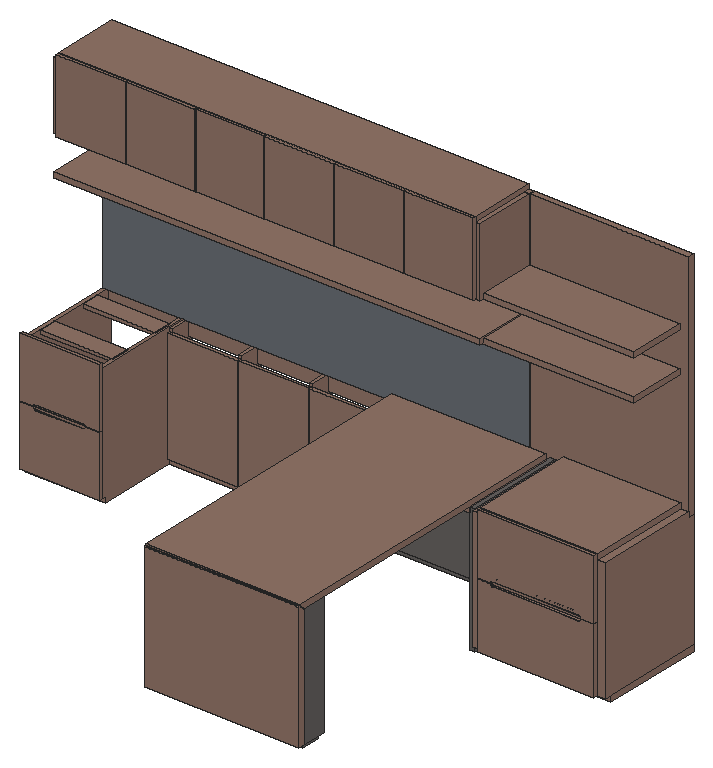
Revit family "OFS TYPICAL T100011", category Furniture, Revit 2022 (continued)
Definition of nested family "OFS SLATE OVERLAY WALLMOUNT ORGANIZER W HINGED DOORS _ OPEN SHELF 1.5H"
  Parameters (values of type "OVERLAY WALLMOUNT ORGANIZER W 2 HINGED DOORS & OPEN SHELF 1.5H 30"")
    Description = "OFS SLATE OVERLAY WALLMOUNT ORGANIZER WITH 2 HINGED DOORS & OPEN SHELF , 30\" Width, Bottom of Cabinet and Shelf align with 1.5 High Wallmount Open Shelf Organizer"
    Depth = 1' - 3 3/4"
    Default Elevation = 0' - 0"
    Copyright © = "©OFS 2019"
    Catalog = "https://ofs.com/products/tables/conference/slate"
    Chasis [instance] = none
    Bottom Board Thickness = 0' - 1 1/4"
    Board Thickness = 0' - 1 3/16"
    Back Board Thickness = 0' - 1 3/16"
    Authoring Version = "Autodesk Revit Architecture 2014"
    Assembly Code = "E2020200"
    6 Doors = no
    4 Doors = no
    3 Doors = no
    2 Doors = yes
  Types (13): name | Width | Model | Description | 6 Doors | 4 Doors | 3 Doors | 2 Doors
    (no name) | 2' - 6" | "CA-A3026HDWO" | "OFS SLATE OVERLAY WALLMOUNT ORGANIZER WITH 2 HINGED DOORS & OPEN SHELF , 30\" Width, Bottom of Cabinet and Shelf align with 1.5 High Wallmount Open Shelf Organizer" | no | no | no | yes
    OVERLAY WALLMOUNT ORGANIZER W 2 HINGED DOORS & OPEN SHELF 1.5H 30" | 2' - 6" | "CA-A3026HDWO" | "OFS SLATE OVERLAY WALLMOUNT ORGANIZER WITH 2 HINGED DOORS & OPEN SHELF , 30\" Width, Bottom of Cabinet and Shelf align with 1.5 High Wallmount Open Shelf Organizer" | no | no | no | yes
    OVERLAY WALLMOUNT ORGANIZER W 2 HINGED DOORS & OPEN SHELF 1.5H 36" | 3' - 0" | "CA-A3626HDWO" | "OFS SLATE OVERLAY WALLMOUNT ORGANIZER WITH 2 HINGED DOORS & OPEN SHELF , 36\" Width, Bottom of Cabinet and Shelf align with 1.5 High Wallmount Open Shelf Organizer" | no | no | no | yes
    OVERLAY WALLMOUNT ORGANIZER W 3 HINGED DOORS & OPEN SHELF 1.5H 54" | 4' - 6" | "CA-A5426HDWO" | "OFS SLATE OVERLAY WALLMOUNT ORGANIZER WITH 3 HINGED DOORS & OPEN SHELF , 54\" Width, Bottom of Cabinet and Shelf align with 1.5 High Wallmount Open Shelf Organizer" | no | no | yes | no
    OVERLAY WALLMOUNT ORGANIZER W 4 HINGED DOORS & OPEN SHELF 1.5H 60" | 5' - 0" | "CA-A6026HDWO" | "OFS SLATE OVERLAY WALLMOUNT ORGANIZER WITH 4 HINGED DOORS & OPEN SHELF , 60\" Width, Bottom of Cabinet and Shelf align with 1.5 High Wallmount Open Shelf Organizer" | no | yes | no | no
    OVERLAY WALLMOUNT ORGANIZER W 4 HINGED DOORS & OPEN SHELF 1.5H 66" | 5' - 6" | "CA-A6626HDWO" | "OFS SLATE OVERLAY WALLMOUNT ORGANIZER WITH 4 HINGED DOORS & OPEN SHELF , 66\" Width, Bottom of Cabinet and Shelf align with 1.5 High Wallmount Open Shelf Organizer" | no | yes | no | no
    OVERLAY WALLMOUNT ORGANIZER W 4 HINGED DOORS & OPEN SHELF 1.5H 72" | 6' - 0" | "CA-A7226HDWO" | "OFS SLATE OVERLAY WALLMOUNT ORGANIZER WITH 4 HINGED DOORS & OPEN SHELF , 72\" Width, Bottom of Cabinet and Shelf align with 1.5 High Wallmount Open Shelf Organizer" | no | yes | no | no
    OVERLAY WALLMOUNT ORGANIZER W 4 HINGED DOORS & OPEN SHELF 1.5H 78" | 6' - 6" | "CA-A7826HDWO" | "OFS SLATE OVERLAY WALLMOUNT ORGANIZER WITH 4 HINGED DOORS & OPEN SHELF , 78\" Width, Bottom of Cabinet and Shelf align with 1.5 High Wallmount Open Shelf Organizer" | no | yes | no | no
    OVERLAY WALLMOUNT ORGANIZER W 4 HINGED DOORS & OPEN SHELF 1.5H 84" | 7' - 0" | "CA-A8426HDWO" | "OFS SLATE OVERLAY WALLMOUNT ORGANIZER WITH 4 HINGED DOORS & OPEN SHELF , 84\" Width, Bottom of Cabinet and Shelf align with 1.5 High Wallmount Open Shelf Organizer" | no | yes | no | no
    OVERLAY WALLMOUNT ORGANIZER W 6 HINGED DOORS & OPEN SHELF 1.5H 90" | 7' - 6" | "CA-A9026HDWO" | "OFS SLATE OVERLAY WALLMOUNT ORGANIZER WITH 6 HINGED DOORS & OPEN SHELF , 90\" Width, Bottom of Cabinet and Shelf align with 1.5 High Wallmount Open Shelf Organizer" | yes | no | no | no
    OVERLAY WALLMOUNT ORGANIZER W 6 HINGED DOORS & OPEN SHELF 1.5H 96" | 8' - 0" | "CA-A9626HDWO" | "OFS SLATE OVERLAY WALLMOUNT ORGANIZER WITH 6 HINGED DOORS & OPEN SHELF , 96\" Width, Bottom of Cabinet and Shelf align with 1.5 High Wallmount Open Shelf Organizer" | yes | no | no | no
    OVERLAY WALLMOUNT ORGANIZER W 6 HINGED DOORS & OPEN SHELF 1.5H 102" | 8' - 6" | "CA-A10226HDWO" | "OFS SLATE OVERLAY WALLMOUNT ORGANIZER WITH 6 HINGED DOORS & OPEN SHELF , 102\" Width, Bottom of Cabinet and Shelf align with 1.5 High Wallmount Open Shelf Organizer" | yes | no | no | no
    OVERLAY WALLMOUNT ORGANIZER W 6 HINGED DOORS & OPEN SHELF 1.5H 108" | 9' - 0" | "CA-A10826HDWO" | "OFS SLATE OVERLAY WALLMOUNT ORGANIZER WITH 6 HINGED DOORS & OPEN SHELF , 108\" Width, Bottom of Cabinet and Shelf align with 1.5 High Wallmount Open Shelf Organizer" | yes | no | no | no
  Reference planes (in)
    plane 1 "Center Front/Back": y = 4.125
    plane 2 "Bottom": z = 0
    plane 3 "Center Left/Right": x = 0
    plane 4 "Back": y = 12
    plane 5 "Front": y = -3.75
    plane 6 "Left": x = -15
    plane 7 "Right": x = 15
    plane 8: z = 81.8125
    plane 9: z = 65.25
    plane 10: z = 66.5
    plane 11: z = 80.75
    plane 12: x = -13.8125
    plane 13: x = 13.8125
    plane 14: y = 10.8125
    plane 15: y = -3
    plane 16: x = -0.0625
    plane 17: x = 0.0625
    plane 18: x = -13.8125
    plane 19: x = 13.8125
    plane 20: x = -6.90625
    plane 21: x = -6.96875
    plane 22: x = -6.84375
    plane 23: x = 6.90625
    plane 24: x = 6.96875
    plane 25: x = 6.84375
    plane 26: x = -4.60417
    plane 27: x = -4.66667
    plane 28: x = -4.54167
    plane 29: x = 4.60417
    plane 30: x = 4.66667
    plane 31: x = 4.54167
    plane 32: x = -9.20833
    plane 33: x = 9.20833
    plane 34: x = -9.27083
    plane 35: x = -9.14583
    plane 36: x = 9.27083
    plane 37: x = 9.14583
    plane 38: z = 80
    plane 39: x = 14
    plane 40: x = -14
    plane 41: z = 56.25
    plane 42: z = 57.4375
  Forms (in)
    Extrusion 1, solid, material <- "Chasis"
      sketch origin (0, 0, 0) x (1, 0, 0) y (0, 1, 0)
        loop
          line (-15, 12) -> (-15, 10.8125) -> (15, 10.8125) -> (15, 12) -> (-15, 12)
      from 56.25 to 80.75
    Extrusion 2, solid, material <- "Chasis"
      sketch origin (0, 0, 0) x (1, 0, 0) y (0, 1, 0)
        loop
          line (-15, 10.8125) -> (-15, -3) -> (-13.8125, -3) -> (-13.8125, 10.8125) -> (-15, 10.8125)
        loop
          line (13.8125, 10.8125) -> (13.8125, -3) -> (15, -3) -> (15, 10.8125) -> (13.8125, 10.8125)
      from 65.25 to 80.75
    Extrusion 3, solid, material <- "Chasis"
      sketch origin (0, 0, 0) x (1, 0, 0) y (0, 1, 0)
        loop
          line (-13.8125, 10.8125) -> (-13.8125, -3) -> (13.8125, -3) -> (13.8125, 10.8125) -> (-13.8125, 10.8125)
      from 65.25 to 66.5
    Extrusion 4, solid, material <- "Chasis"
      sketch origin (0, 0, 0) x (1, 0, 0) y (0, 1, 0)
        loop
          line (-14, 12) -> (-14, -3) -> (14, -3) -> (14, 12) -> (-14, 12)
      from 80.75 to 81.8125
    Extrusion 5, solid, material <- "Front Panel Finish", visible <- "4 Doors"
      sketch origin (0, 0, 0) x (0, 1, 0) y (0, 0, 1)
        loop
          line (-3.75, 81.8125) -> (-3.75, 65.25) -> (-3.375, 65.25) -> (-3, 65.625) -> (-3, 81.8125) -> (-3.75, 81.8125)
      from -14 to -6.96875
    Extrusion 6, solid, material <- "Front Panel Finish", visible <- "6 Doors"
      sketch origin (0, 0, 0) x (0, 1, 0) y (0, 0, 1)
        loop
          line (-3.75, 81.8125) -> (-3.75, 65.25) -> (-3.375, 65.25) -> (-3, 65.625) -> (-3, 81.8125) -> (-3.75, 81.8125)
      from -14 to -9.27083
    Extrusion 7, solid, material <- "Front Panel Finish", visible <- "4 Doors"
      sketch origin (27, 0, 0) x (0, 1, 0) y (0, 0, 1)
        loop
          line (-3.75, 81.8125) -> (-3.75, 65.25) -> (-3.375, 65.25) -> (-3, 65.625) -> (-3, 81.8125) -> (-3.75, 81.8125)
      from -33.84375 to -27.0625
    Extrusion 8, solid, material <- "Front Panel Finish", visible <- "4 Doors"
      sketch origin (55, 0, 0) x (0, 1, 0) y (0, 0, 1)
        loop
          line (-3.75, 81.8125) -> (-3.75, 65.25) -> (-3.375, 65.25) -> (-3, 65.625) -> (-3, 81.8125) -> (-3.75, 81.8125)
      from -54.9375 to -48.03125
    Extrusion 9, solid, material <- "Front Panel Finish", visible <- "4 Doors"
      sketch origin (82, 0, 0) x (0, 1, 0) y (0, 0, 1)
        loop
          line (-3.75, 81.8125) -> (-3.75, 65.25) -> (-3.375, 65.25) -> (-3, 65.625) -> (-3, 81.8125) -> (-3.75, 81.8125)
      from -75.15625 to -68
    Extrusion 10, solid, material <- "Front Panel Finish", visible <- "3 Doors"
      sketch origin (0, 0, 0) x (0, 1, 0) y (0, 0, 1)
        loop
          line (-3.75, 81.8125) -> (-3.75, 65.25) -> (-3.375, 65.25) -> (-3, 65.625) -> (-3, 81.8125) -> (-3.75, 81.8125)
      from -14 to -4.54167
    Extrusion 11, solid, material <- "Front Panel Finish", visible <- "3 Doors"
      sketch origin (-17, 0, 0) x (0, 1, 0) y (0, 0, 1)
        loop
          line (-3.75, 81.8125) -> (-3.75, 65.25) -> (-3.375, 65.25) -> (-3, 65.625) -> (-3, 81.8125) -> (-3.75, 81.8125)
      from 12.33333 to 21.66667
    Extrusion 12, solid, material <- "Front Panel Finish", visible <- "3 Doors"
      sketch origin (-34.25, 0, 0) x (0, 1, 0) y (0, 0, 1)
        loop
          line (-3.75, 81.8125) -> (-3.75, 65.25) -> (-3.375, 65.25) -> (-3, 65.625) -> (-3, 81.8125) -> (-3.75, 81.8125)
      from 38.79167 to 48.25
    Extrusion 13, solid, material <- "Front Panel Finish", visible <- "6 Doors"
      sketch origin (17, 0, 0) x (0, 1, 0) y (0, 0, 1)
        loop
          line (-3.75, 81.8125) -> (-3.75, 65.25) -> (-3.375, 65.25) -> (-3, 65.625) -> (-3, 81.8125) -> (-3.75, 81.8125)
      from -26.14583 to -21.54167
    Extrusion 14, solid, material <- "Front Panel Finish", visible <- "6 Doors"
      sketch origin (35.20833, 0, 0) x (0, 1, 0) y (0, 0, 1)
        loop
          line (-3.75, 81.8125) -> (-3.75, 65.25) -> (-3.375, 65.25) -> (-3, 65.625) -> (-3, 81.8125) -> (-3.75, 81.8125)
      from -39.875 to -35.27083
    Extrusion 15, solid, material <- "Front Panel Finish", visible <- "6 Doors"
      sketch origin (53.20833, 0, 0) x (0, 1, 0) y (0, 0, 1)
        loop
          line (-3.75, 81.8125) -> (-3.75, 65.25) -> (-3.375, 65.25) -> (-3, 65.625) -> (-3, 81.8125) -> (-3.75, 81.8125)
      from -53.14583 to -48.54167
    Extrusion 16, solid, material <- "Front Panel Finish", visible <- "6 Doors"
      sketch origin (71.20833, 0, 0) x (0, 1, 0) y (0, 0, 1)
        loop
          line (-3.75, 81.8125) -> (-3.75, 65.25) -> (-3.375, 65.25) -> (-3, 65.625) -> (-3, 81.8125) -> (-3.75, 81.8125)
      from -66.66667 to -61.9375
    Extrusion 17, solid, material <- "Front Panel Finish", visible <- "6 Doors"
      sketch origin (89.20833, 0, 0) x (0, 1, 0) y (0, 0, 1)
        loop
          line (-3.75, 81.8125) -> (-3.75, 65.25) -> (-3.375, 65.25) -> (-3, 65.625) -> (-3, 81.8125) -> (-3.75, 81.8125)
      from -80.0625 to -75.20833
    Extrusion 18, solid, material <- "Front Panel Finish", visible <- "2 Doors"
      sketch origin (35.20833, 0, 0) x (0, 1, 0) y (0, 0, 1)
        loop
          line (-3.75, 81.8125) -> (-3.75, 65.25) -> (-3.375, 65.25) -> (-3, 65.625) -> (-3, 81.8125) -> (-3.75, 81.8125)
      from -49.20833 to -35.27083
    Extrusion 19, solid, material <- "Front Panel Finish", visible <- "2 Doors"
      sketch origin (53.20833, 0, 0) x (0, 1, 0) y (0, 0, 1)
        loop
          line (-3.75, 81.8125) -> (-3.75, 65.25) -> (-3.375, 65.25) -> (-3, 65.625) -> (-3, 81.8125) -> (-3.75, 81.8125)
      from -53.14583 to -39.20833
    Extrusion 20, solid, material <- "Chasis"
      sketch origin (0, 0, 0) x (1, 0, 0) y (0, 1, 0)
        loop
          line (-13.8125, 10.8125) -> (-13.8125, -3) -> (13.8125, -3) -> (13.8125, 10.8125) -> (-13.8125, 10.8125)
      from 80 to 80.75
    Extrusion 21, solid, material <- "Chasis"
      sketch origin (42.76444, 4.49472, 0) x (1, 0, 0) y (0, 1, 0)
        loop
          line (-57.76444, 6.31778) -> (-57.76444, -7.49472) -> (-27.76444, -7.49472) -> (-27.76444, 6.31778) -> (-57.76444, 6.31778)
      from 56.25 to 57.4375
  Dimensions and locks (in)
    equal spacing: plane 5 "Front", plane 1 "Center Front/Back", plane 4 "Back"
    "Depth": plane 4 "Back" to plane 5 "Front"
    equal spacing: plane 6 "Left", plane 3 "Center Left/Right", plane 7 "Right"
    "Width": plane 6 "Left" to plane 7 "Right"
    "Front Board Thickness": plane 15 to plane 5 "Front"
    "Back Board Thickness": plane 14 to plane 4 "Back"
    "Board Thickness": plane 6 "Left" to plane 12
    "Board Thickness": plane 13 to plane 7 "Right"
    "Top Board Thickness": plane 8 to plane 11
    "Bottom Board Thickness": plane 10 to plane 9
    "Height From Floor": plane 9 to plane 2 "Bottom"
    "Organizer Height": plane 8 to plane 9
    equal spacing: plane 16, plane 3 "Center Left/Right", plane 17
    "Gap1": plane 16 to plane 17
    "Board Thickness": plane 6 "Left" to plane 18
    "Board Thickness": plane 19 to plane 7 "Right"
    equal spacing: plane 21, plane 20, plane 22
    "Gap1": plane 21 to plane 22
    equal spacing: plane 18, plane 20, plane 3 "Center Left/Right"
    equal spacing: plane 24, plane 23, plane 25
    equal spacing: plane 19, plane 23, plane 3 "Center Left/Right"
    "Gap1": plane 25 to plane 24
    equal spacing: plane 27, plane 26, plane 28
    "Gap1": plane 27 to plane 28
    equal spacing: plane 30, plane 29, plane 31
    "Gap1": plane 30 to plane 31
    equal spacing: plane 18, plane 26, plane 29, plane 19
    equal spacing: plane 18, plane 32, plane 26
    equal spacing: plane 19, plane 33, plane 29
    equal spacing: plane 34, plane 32, plane 35
    "Gap1": plane 34 to plane 35
    equal spacing: plane 37, plane 33, plane 36
    "Gap1": plane 37 to plane 36
    "Front Board Thickness": plane 11 to plane 38
    locked: plane 13 to plane 39 at 0.1875
    locked: plane 12 to plane 40 at 0.1875
    "Shelf Height": plane 9 to plane 41
    "Board Thickness": plane 42 to plane 41
    aligned and locked: level to plane 2 "Bottom"
    aligned and locked: plane 4 "Back" to Extrusion 1 sketch curve
    aligned and locked: Extrusion 1 sketch curve to plane 14
    aligned and locked: plane 6 "Left" to Extrusion 2 sketch curve
    aligned and locked: plane 15 to Extrusion 2 sketch curve  (x2)
    aligned and locked: plane 7 "Right" to Extrusion 2 sketch curve
    aligned and locked: plane 12 to Extrusion 3 sketch curve
    aligned and locked: plane 14 to Extrusion 3 sketch curve
    aligned and locked: plane 13 to Extrusion 3 sketch curve
    aligned and locked: plane 15 to Extrusion 3 sketch curve
    aligned and locked: plane 10 to Extrusion 3
    aligned and locked: Extrusion 3 to plane 9
    aligned and locked: plane 15 to Extrusion 4 sketch curve
    aligned and locked: Extrusion 5 sketch curve to plane 5 "Front"
    aligned and locked: Extrusion 5 sketch curve to plane 15
    aligned and locked: plane 8 to Extrusion 5 sketch curve
    aligned and locked: plane 21 to Extrusion 5
    aligned and locked: plane 22 to Extrusion 7
    aligned and locked: plane 16 to Extrusion 7
    aligned and locked: plane 17 to Extrusion 8
    aligned and locked: Extrusion 8 to plane 24
    aligned and locked: Extrusion 9 to plane 25
    aligned and locked: Extrusion 10 to plane 28
    aligned and locked: Extrusion 11 to plane 30
    aligned and locked: Extrusion 11 to plane 27
    aligned and locked: Extrusion 12 to plane 31
    aligned and locked: plane 34 to Extrusion 6
    aligned and locked: plane 35 to Extrusion 13
    aligned and locked: Extrusion 13 to plane 28
    aligned and locked: Extrusion 14 to plane 27
    aligned and locked: plane 16 to Extrusion 14
    aligned and locked: plane 17 to Extrusion 15
    aligned and locked: Extrusion 15 to plane 30
    aligned and locked: Extrusion 16 to plane 31
    aligned and locked: plane 36 to Extrusion 16
    aligned and locked: plane 37 to Extrusion 17
    aligned and locked: plane 17 to Extrusion 19
    aligned and locked: plane 16 to Extrusion 18
    aligned and locked: plane 15 to Extrusion 20 sketch curve
    aligned and locked: Extrusion 4 to plane 40
    aligned and locked: plane 8 to Extrusion 4
    aligned and locked: Extrusion 4 to plane 11
    aligned and locked: Extrusion 18 to plane 40
    aligned and locked: Extrusion 10 to plane 40
    aligned and locked: Extrusion 6 to plane 40
    aligned and locked: Extrusion 5 to plane 40
    aligned and locked: Extrusion 19 to plane 39
    aligned and locked: Extrusion 17 to plane 39
    aligned and locked: Extrusion 12 to plane 39
    aligned and locked: Extrusion 9 to plane 39
    aligned and locked: plane 41 to Extrusion 1
    aligned and locked: Extrusion 1 to plane 7 "Right"
    aligned and locked: Extrusion 1 to plane 6 "Left"
    aligned and locked: plane 11 to Extrusion 1
    aligned and locked: Extrusion 20 to plane 14
    aligned and locked: Extrusion 2 to plane 14  (x2)
    aligned and locked: plane 41 to Extrusion 21
    aligned and locked: Extrusion 21 to plane 42
    aligned and locked: Extrusion 21 to plane 6 "Left"
    aligned and locked: Extrusion 21 to plane 7 "Right"
    aligned and locked: Extrusion 21 to plane 14
    aligned and locked: Extrusion 21 to plane 15
  Automatic sketch dimensions
    Extrusion 1 sketch curve to plane 6 "Left" = 0' - 0"
    Extrusion 1 sketch curve to plane 7 "Right" = 0' - 0"
    Extrusion 2 sketch curve to plane 12 = 0' - 0"
    Extrusion 2 sketch curve to plane 13 = 0' - 0"
    plane 14 to Extrusion 2 sketch curve = 0' - 0"  (x2)
    Extrusion 4 sketch curve to plane 40 = 0' - 0"
    Extrusion 4 sketch curve to plane 39 = 0' - 0"
    plane 4 "Back" to Extrusion 4 sketch curve = 0' - 0"
    Extrusion 5 sketch curve to plane 9 = 0' - 0"
    Extrusion 5 sketch curve to Extrusion 5 sketch curve = 0' - 0 3/8"
    plane 9 to Extrusion 5 sketch curve = 0' - 0 3/8"
    Extrusion 6 sketch curve to plane 5 "Front" = 0' - 0"
    Extrusion 6 sketch curve to plane 9 = 0' - 0"
    Extrusion 6 sketch curve to plane 8 = 0' - 0"
    Extrusion 6 sketch curve to plane 15 = 0' - 0"
    Extrusion 6 sketch curve to Extrusion 6 sketch curve = 0' - 0 3/8"
    plane 9 to Extrusion 6 sketch curve = 0' - 0 3/8"
    Extrusion 7 sketch curve to plane 5 "Front" = 0' - 0"
    Extrusion 7 sketch curve to plane 9 = 0' - 0"
    Extrusion 7 sketch curve to plane 8 = 0' - 0"
    Extrusion 7 sketch curve to plane 15 = 0' - 0"
    plane 5 "Front" to Extrusion 7 sketch curve = 0' - 0 3/8"
    plane 9 to Extrusion 7 sketch curve = 0' - 0 3/8"
    Extrusion 8 sketch curve to plane 5 "Front" = 0' - 0"
    Extrusion 8 sketch curve to plane 9 = 0' - 0"
    Extrusion 8 sketch curve to plane 8 = 0' - 0"
    Extrusion 8 sketch curve to plane 15 = 0' - 0"
    plane 5 "Front" to Extrusion 8 sketch curve = 0' - 0 3/8"
    plane 9 to Extrusion 8 sketch curve = 0' - 0 3/8"
    Extrusion 9 sketch curve to plane 5 "Front" = 0' - 0"
    Extrusion 9 sketch curve to plane 9 = 0' - 0"
    Extrusion 9 sketch curve to plane 8 = 0' - 0"
    Extrusion 9 sketch curve to plane 15 = 0' - 0"
    plane 5 "Front" to Extrusion 9 sketch curve = 0' - 0 3/8"
    plane 9 to Extrusion 9 sketch curve = 0' - 0 3/8"
    Extrusion 10 sketch curve to plane 5 "Front" = 0' - 0"
    Extrusion 10 sketch curve to plane 9 = 0' - 0"
    Extrusion 10 sketch curve to plane 8 = 0' - 0"
    Extrusion 10 sketch curve to plane 15 = 0' - 0"
    Extrusion 10 sketch curve to Extrusion 10 sketch curve = 0' - 0 3/8"
    plane 9 to Extrusion 10 sketch curve = 0' - 0 3/8"
    Extrusion 11 sketch curve to plane 5 "Front" = 0' - 0"
    Extrusion 11 sketch curve to plane 9 = 0' - 0"
    Extrusion 11 sketch curve to plane 8 = 0' - 0"
    Extrusion 11 sketch curve to plane 15 = 0' - 0"
    plane 5 "Front" to Extrusion 11 sketch curve = 0' - 0 3/8"
    plane 9 to Extrusion 11 sketch curve = 0' - 0 3/8"
    Extrusion 12 sketch curve to plane 5 "Front" = 0' - 0"
    Extrusion 12 sketch curve to plane 9 = 0' - 0"
    Extrusion 12 sketch curve to plane 8 = 0' - 0"
    Extrusion 12 sketch curve to plane 15 = 0' - 0"
    plane 5 "Front" to Extrusion 12 sketch curve = 0' - 0 3/8"
    plane 9 to Extrusion 12 sketch curve = 0' - 0 3/8"
    Extrusion 13 sketch curve to plane 5 "Front" = 0' - 0"
    Extrusion 13 sketch curve to plane 9 = 0' - 0"
    Extrusion 13 sketch curve to plane 8 = 0' - 0"
    Extrusion 13 sketch curve to plane 15 = 0' - 0"
    plane 5 "Front" to Extrusion 13 sketch curve = 0' - 0 3/8"
    plane 9 to Extrusion 13 sketch curve = 0' - 0 3/8"
    Extrusion 14 sketch curve to plane 5 "Front" = 0' - 0"
    Extrusion 14 sketch curve to plane 9 = 0' - 0"
    Extrusion 14 sketch curve to plane 8 = 0' - 0"
    Extrusion 14 sketch curve to plane 15 = 0' - 0"
    plane 5 "Front" to Extrusion 14 sketch curve = 0' - 0 3/8"
    plane 9 to Extrusion 14 sketch curve = 0' - 0 3/8"
    Extrusion 15 sketch curve to plane 5 "Front" = 0' - 0"
    Extrusion 15 sketch curve to plane 9 = 0' - 0"
    Extrusion 15 sketch curve to plane 8 = 0' - 0"
    Extrusion 15 sketch curve to plane 15 = 0' - 0"
    plane 5 "Front" to Extrusion 15 sketch curve = 0' - 0 3/8"
    plane 9 to Extrusion 15 sketch curve = 0' - 0 3/8"
    Extrusion 16 sketch curve to plane 5 "Front" = 0' - 0"
    Extrusion 16 sketch curve to plane 9 = 0' - 0"
    Extrusion 16 sketch curve to plane 8 = 0' - 0"
    Extrusion 16 sketch curve to plane 15 = 0' - 0"
    plane 5 "Front" to Extrusion 16 sketch curve = 0' - 0 3/8"
    plane 9 to Extrusion 16 sketch curve = 0' - 0 3/8"
    Extrusion 17 sketch curve to plane 5 "Front" = 0' - 0"
    Extrusion 17 sketch curve to plane 9 = 0' - 0"
    Extrusion 17 sketch curve to plane 8 = 0' - 0"
    Extrusion 17 sketch curve to plane 15 = 0' - 0"
    plane 5 "Front" to Extrusion 17 sketch curve = 0' - 0 3/8"
    plane 9 to Extrusion 17 sketch curve = 0' - 0 3/8"
    Extrusion 18 sketch curve to plane 5 "Front" = 0' - 0"
    Extrusion 18 sketch curve to plane 9 = 0' - 0"
    Extrusion 18 sketch curve to plane 8 = 0' - 0"
    Extrusion 18 sketch curve to plane 15 = 0' - 0"
    Extrusion 18 sketch curve to Extrusion 18 sketch curve = 0' - 0 3/8"
    plane 9 to Extrusion 18 sketch curve = 0' - 0 3/8"
    Extrusion 19 sketch curve to plane 5 "Front" = 0' - 0"
    Extrusion 19 sketch curve to plane 9 = 0' - 0"
    Extrusion 19 sketch curve to plane 8 = 0' - 0"
    Extrusion 19 sketch curve to plane 15 = 0' - 0"
    plane 5 "Front" to Extrusion 19 sketch curve = 0' - 0 3/8"
    plane 9 to Extrusion 19 sketch curve = 0' - 0 3/8"
    Extrusion 20 sketch curve to plane 12 = 0' - 0"
    Extrusion 20 sketch curve to plane 13 = 0' - 0"
    plane 14 to Extrusion 20 sketch curve = 0' - 0"
    plane 1 "Center Front/Back" to Extrusion 21 sketch curve = 0' - 7 1/8"
    plane 7 "Right" to Extrusion 21 sketch curve = 2' - 6"
    Extrusion 21 sketch curve to Extrusion 21 sketch curve = 2' - 6"
    plane 4 "Back" to Extrusion 21 sketch curve = 0' - 1 3/16"
Definition of nested family "OFS SLATE WORKWALL OVERLAY CREDENZAS"
  Parameters (values of type "SLATE WORKWALL OVERLAY CREDENZA LATERAL FILE 90" With Doors")
    Width [instance] = 7' - 6"
    URL = "http://www.ofs.com/"
    Type = 5
    Top [instance] = none
    Panel [instance] = none
    Model = "CA-A9025CLFC4"
    Manufacturer = "OFS"
    Length 2 [instance] = if(and(Type = 4, Width < 5' 0"), 0' 0.063", 1' 5 7/8")  # 1' - 5 7/8"
    Length 1 [instance] = if(and(Type = 4, Width = 2' 6"), 1' 7.255", if(and(Type = 4, Width = 3' 0"), 2' 1.255", if(and(Type = 4, Width = 5' 0"), 1' 1.255", if(and(Type = 4, Width = 6' 0"), 2' 1.255", if(and(Type = 4, Width = 7' 6"), 1' 6.005", 2' 3.005")))))  # 2' - 3.005"
    Overlay Lateral File = Type = 4  # no
    Glides [instance] = none
    Drawers [instance] = none
    Description = "OFS SLATE WORKWALL OVERLAY CREDENZA LATERAL FILE, 4 Drawers & 2 Doors, 90\" Width, 25.5\" Depth, 30.5\" Height, Wall Panels are Recessed behind Worksurface"
    Default Elevation = 0' - 0"
    Copyright © = "© 2019 OFS"
    Catalog = "OFS"
    Case [instance] = none
    Base [instance] = none
    Authoring Version = "Autodesk Revit Architecture 2014"
    Assembly Code = "E2020200"
    6 Drawers [instance] = and(Type = 4, Width > 6' 0")  # no
    4 Drawers [instance] = and(Type = 4, Width > 3' 0", Width < 7' 6")  # no
    2 Drawers [instance] = and(Type = 4, Width < 5' 0")  # no
  Types (11): name | Width | Type | Model | Length 2 | Length 1 | Overlay Lateral File | Description | 6 Drawers | 4 Drawers | 2 Drawers
    (no name) | 7' - 6" | 5 | "CA-A9025CLFC4" | 1' - 5 7/8" | 2' - 3.005" | no | "OFS SLATE WORKWALL OVERLAY CREDENZA LATERAL FILE, 4 Drawers & 2 Doors, 90\" Width, 25.5\" Depth, 30.5\" Height, Wall Panels are Recessed behind Worksurface" | no | no | no
    SLATE WORKWALL OVERLAY CREDENZA LATERAL FILE 30" | 2' - 6" | 4 | "CA-AB3025CLF2" | 0' - 0.063" | 1' - 7.255" | yes | "OFS SLATE WORKWALL OVERLAY CREDENZA LATERAL FILE, 2 Drawers, 30\" Width, 25.5\" Depth, 30.5\" Height, Wall Panels are Recessed behind Worksurface" | no | no | yes
    SLATE WORKWALL OVERLAY CREDENZA LATERAL FILE 36" | 3' - 0" | 4 | "CA-AB3625CLF2" | 0' - 0.063" | 2' - 1.255" | yes | "OFS SLATE WORKWALL OVERLAY CREDENZA LATERAL FILE, 2 Drawers, 36\" Width, 25.5\" Depth, 30.5\" Height, Wall Panels are Recessed behind Worksurface" | no | no | yes
    SLATE WORKWALL OVERLAY CREDENZA LATERAL FILE 60" | 5' - 0" | 4 | "CA-AB6025CLF4" | 1' - 5 7/8" | 1' - 1.255" | yes | "OFS SLATE WORKWALL OVERLAY CREDENZA LATERAL FILE, 4 Drawers, 60\" Width, 25.5\" Depth, 30.5\" Height, Wall Panels are Recessed behind Worksurface" | no | yes | no
    SLATE WORKWALL OVERLAY CREDENZA LATERAL FILE 72" | 6' - 0" | 4 | "CA-AB7225CLF4" | 1' - 5 7/8" | 2' - 1.255" | yes | "OFS SLATE WORKWALL OVERLAY CREDENZA LATERAL FILE, 4 Drawers, 72\" Width, 25.5\" Depth, 30.5\" Height, Wall Panels are Recessed behind Worksurface" | no | yes | no
    SLATE WORKWALL OVERLAY CREDENZA LATERAL FILE 90" | 7' - 6" | 4 | "CA-AB9025CLF6" | 1' - 5 7/8" | 1' - 6.005" | yes | "OFS SLATE WORKWALL OVERLAY CREDENZA LATERAL FILE, 6 Drawers, 90\" Width, 25.5\" Depth, 30.5\" Height, Wall Panels are Recessed behind Worksurface" | yes | no | no
    SLATE WORKWALL OVERLAY CREDENZA LATERAL FILE 108" | 9' - 0" | 4 | "CA-AB10825CLF6" | 1' - 5 7/8" | 2' - 3.005" | yes | "OFS SLATE WORKWALL OVERLAY CREDENZA LATERAL FILE, 6 Drawers, 108\" Width, 25.5\" Depth, 30.5\" Height, Wall Panels are Recessed behind Worksurface" | yes | no | no
    SLATE WORKWALL OVERLAY CREDENZA LATERAL FILE 60" With Doors | 5' - 0" | 5 | "CA-A6025CLFC2" | 1' - 5 7/8" | 2' - 3.005" | no | "OFS SLATE WORKWALL OVERLAY CREDENZA LATERAL FILE, 2 Drawers & 2 Doors, 60\" Width, 25.5\" Depth, 30.5\" Height, Wall Panels are Recessed behind Worksurface" | no | no | no
    SLATE WORKWALL OVERLAY CREDENZA LATERAL FILE 72" With Doors | 6' - 0" | 5 | "CA-A7225CLFC2" | 1' - 5 7/8" | 2' - 3.005" | no | "OFS SLATE WORKWALL OVERLAY CREDENZA LATERAL FILE, 2 Drawers & 2 Doors, 72\" Width, 25.5\" Depth, 30.5\" Height, Wall Panels are Recessed behind Worksurface" | no | no | no
    SLATE WORKWALL OVERLAY CREDENZA LATERAL FILE 90" With Doors | 7' - 6" | 5 | "CA-A9025CLFC4" | 1' - 5 7/8" | 2' - 3.005" | no | "OFS SLATE WORKWALL OVERLAY CREDENZA LATERAL FILE, 4 Drawers & 2 Doors, 90\" Width, 25.5\" Depth, 30.5\" Height, Wall Panels are Recessed behind Worksurface" | no | no | no
    SLATE WORKWALL OVERLAY CREDENZA LATERAL FILE 108" With Doors | 9' - 0" | 5 | "CA-A10825CLFC4" | 1' - 5 7/8" | 2' - 3.005" | no | "OFS SLATE WORKWALL OVERLAY CREDENZA LATERAL FILE, 4 Drawers & 2 Doors, 108\" Width, 25.5\" Depth, 30.5\" Height, Wall Panels are Recessed behind Worksurface" | no | no | no
  Reference planes (in)
    plane 1 "Center (Front/Back)": y = 0
    plane 2: z = 0
    plane 3 "Center (Left/Right)": x = 0
    plane 4: x = 89.25
    plane 5: x = 90
    plane 6: x = 0.75
    plane 7: y = -24
    plane 8: y = -25.58661
    plane 9: y = -23.125
    plane 10: x = 0.125
    plane 11: x = 89.875
    plane 12: z = 0.45
    plane 13: z = 30.3875
    plane 14: y = -1.38677
    plane 15: y = -21.25
    plane 16: y = -11.5625
    plane 17: x = 45
    plane 18: x = 19.6875
    plane 19: x = 70.3125
    plane 20: x = 1.8125
    plane 21: x = 88.1875
    plane 22: x = 88.0625
    plane 23: x = 30.60417
    plane 24: x = 59.39583
    plane 25: z = 28.0125
  Forms (in)
    Revolve 1, solid, material <- "Glides", visible <- "Overlay Lateral File"
      sketch origin (1.0178, -1.38677, 47.24409) x (-1, 0, 0) y (0, 0, 1)
        loop
          line (0.04905, -46.79409) -> (0.04905, -47.24409) -> (0.29405, -47.24409)
          arc (0.29405, -47.24409) -> (0.42215, -47.13626) -> (0.33773, -46.99165) r 0.13
          line (0.33773, -46.99165) -> (0.29905, -46.99165) -> (0.29905, -46.79409) -> (0.04905, -46.79409)
        axis (0.04905, -46.79409) -> (0.04905, -47.24409)
      angle from 0 to 360
    Revolve 2, solid, material <- "Glides", visible <- "Overlay Lateral File"
      sketch origin (70.9822, -1.38677, 47.24409) x (1, 0, 0) y (0, 0, -1)
        loop
          line (18.04905, 46.79409) -> (18.29905, 46.79409) -> (18.29905, 46.99165) -> (18.33773, 46.99165)
          arc (18.33773, 46.99165) -> (18.42215, 47.13626) -> (18.29405, 47.24409) r 0.13
          line (18.29405, 47.24409) -> (18.04905, 47.24409) -> (18.04905, 46.79409)
        axis (18.04905, 46.79409) -> (18.04905, 47.24409)
      angle from 0 to 360
    Revolve 3, solid, material <- "Glides", visible <- "Overlay Lateral File"
      sketch origin (1.0178, -21.25, 47.24409) x (-1, 0, 0) y (0, 0, 1)
        loop
          line (-88.01344, -46.79409) -> (-88.26344, -46.79409) -> (-88.26344, -46.99165) -> (-88.30212, -46.99165)
          arc (-88.30212, -46.99165) -> (-88.38654, -47.13626) -> (-88.25844, -47.24409) r 0.13
          line (-88.25844, -47.24409) -> (-88.01344, -47.24409) -> (-88.01344, -46.79409)
        axis (-88.01344, -46.79409) -> (-88.01344, -47.24409)
      angle from 0 to 360
    Revolve 4, solid, material <- "Glides", visible <- "Overlay Lateral File"
      sketch origin (1.0178, -21.25, 47.24409) x (-1, 0, 0) y (0, 0, 1)
        loop
          line (0.04905, -46.79409) -> (0.04905, -47.24409) -> (0.29405, -47.24409)
          arc (0.29405, -47.24409) -> (0.42215, -47.13626) -> (0.33773, -46.99165) r 0.13
          line (0.33773, -46.99165) -> (0.29905, -46.99165) -> (0.29905, -46.79409) -> (0.04905, -46.79409)
        axis (0.04905, -46.79409) -> (0.04905, -47.24409)
      angle from 0 to 360
    Sweep 5, solid, material <- "Panel", visible <- "Overlay Lateral File"
      path origin (-60.07556, -60, 0.45) x (-1, 0, 0) y (0, -1, 0)
        loop
          line (-150.07556, -36.875) -> (-60.07556, -36.875)
      profile origin (45, -23.125, 0.45) x (0, -1, 0) y (0, 0, 1)
        loop
          line (-0.75, 0) -> (0, 0) -> (0, 1.25) -> (-0.75, 1.25) -> (-0.75, 0)
    Extrusion 6, solid, material <- "Case", visible <- "Overlay Lateral File"
      sketch origin (0, 0, 0) x (0, 1, 0) y (0, 0, 1)
        loop
          line (0, 28.0125) -> (-0.76133, 28.0125) -> (-0.76133, 0.45) -> (0, 0.45) -> (0, 28.0125)
      from 1.9375 to 88.0625
    Extrusion 7, solid, material <- "Panel", visible <- "Overlay Lateral File"
      sketch origin (0, 0, 0) x (1, 0, 0) y (0, 0, 1)
        loop
          line (0, 29.2) -> (0, 1.7) -> (1.9375, 1.7) -> (1.9375, 29.2) -> (0, 29.2)
        loop
          line (88.0625, 29.2) -> (88.0625, 1.7) -> (90, 1.7) -> (90, 29.2) -> (88.0625, 29.2)
      from 0 to 24.75
    Extrusion 8, solid, material <- "Base", visible <- "Overlay Lateral File"
      sketch origin (-3.76383, -25.58661, 47.24409) x (-1, 0, 0) y (0, 0, 1)
        loop
          line (-5.70133, -44.79409) -> (-91.82633, -44.79409) -> (-91.82633, -45.54409) -> (-5.70133, -45.54409) -> (-5.70133, -44.79409)
      from 0.83661 to 24.83661
    Extrusion 9, solid, material <- "Top", visible <- "Overlay Lateral File"
      sketch origin (1.8125, -27.03977, 47.24409) x (0, -1, 0) y (0, 0, 1)
        loop
          line (-25.653, -16.85659) -> (-25.653, -18.0441) -> (-2.28977, -18.0441) -> (-2.28977, -16.85659) -> (-25.653, -16.85659)
      from 0 to -86.375
    Extrusion 10, solid, material <- "Panel", visible <- "Overlay Lateral File"
      sketch origin (-60.07556, -60, 0.45) x (-1, 0, 0) y (0, -1, 0)
        loop
          line (-62.01306, -38.8125) -> (-62.01306, -60) -> (-60.07556, -60) -> (-60.07556, -36.875) -> (-62.01306, -38.8125)
        loop
          line (-148.13806, -38.8125) -> (-150.07556, -36.875) -> (-150.07556, -60) -> (-148.13806, -60) -> (-148.13806, -38.8125)
      from 0 to 1.25
    Sweep 11, void
      path origin (-3.76383, -25.58661, 47.24409) x (-1, 0, 0) y (0, 0, 1)
        loop
          line (-9.13633, -29.82608) -> (-88.39133, -29.82608)
          arc (-88.39133, -29.82608) -> (-89.2031, -30.63785) -> (-88.39133, -31.44961) r 0.81176
          line (-88.39133, -31.44961) -> (-9.13633, -31.44961)
          arc (-9.13633, -31.44961) -> (-8.32457, -30.63785) -> (-9.13633, -29.82608) r 0.81176
      profile origin (45, -25.58661, 17.41801) x (0, 0, -1) y (0, 1, 0)
        loop
          line (0.74926, 0) -> (0.74926, 0.59375) -> (0.23364, 0.59375)
          arc (0.23364, 0.59375) -> (0.00071, 0.38112) -> (0.19126, 0.12981) r 0.2339
          arc (0.19126, 0.12981) -> (0.23287, 0.10547) -> (0.24927, 0.06015) r 0.07084
          line (0.24927, 0.06015) -> (0.24927, 0) -> (0.74926, 0)
    Extrusion 12, solid, material <- "Drawers", visible <- "2 Drawers"
      sketch origin (45, -60, -12) x (0, 0, -1) y (0, -1, 0)
        loop
          line (-42.325, -35.16339) -> (-28.66875, -35.16339) -> (-28.66875, -34.41339) -> (-42.325, -34.41339) -> (-42.325, -35.16339)
        loop
          line (-13.7, -35.16339) -> (-13.7, -34.41339) -> (-28.54375, -34.41339) -> (-28.54375, -35.16339) -> (-13.7, -35.16339)
      from -43.0625 to 43.0625
    Extrusion 13, solid, material <- "Drawers", visible <- "4 Drawers"
      sketch origin (-3.76383, -25.58661, 47.24409) x (-1, 0, 0) y (0, 0, 1)
        loop
          line (-5.70133, -16.9191) -> (-48.70133, -16.9191) -> (-48.70133, -30.57535) -> (-5.70133, -30.57535) -> (-5.70133, -16.9191)
        loop
          line (-5.70133, -44.79409) -> (-5.70133, -30.70035) -> (-48.70133, -30.70035) -> (-48.70133, -44.79409) -> (-5.70133, -44.79409)
        loop
          line (-48.82633, -16.9191) -> (-91.82633, -16.9191) -> (-91.82633, -30.57535) -> (-48.82633, -30.57535) -> (-48.82633, -16.9191)
        loop
          line (-48.82633, -44.79409) -> (-48.82633, -30.70035) -> (-91.82633, -30.70035) -> (-91.82633, -44.79409) -> (-48.82633, -44.79409)
      from 0 to 0.75
    Extrusion 14, solid, material <- "Drawers", visible <- "6 Drawers"
      sketch origin (-3.76383, -25.58661, 47.24409) x (-1, 0, 0) y (0, 0, 1)
        loop
          line (-5.70133, -16.9191) -> (-34.3055, -16.9191) -> (-34.3055, -30.57535) -> (-5.70133, -30.57535) -> (-5.70133, -16.9191)
        loop
          line (-5.70133, -30.70035) -> (-34.3055, -30.70035) -> (-34.3055, -44.79409) -> (-5.70133, -44.79409) -> (-5.70133, -30.70035)
        loop
          line (-63.09717, -16.9191) -> (-63.09717, -30.57535) -> (-34.4305, -30.57535) -> (-34.4305, -16.9191) -> (-63.09717, -16.9191)
        loop
          line (-63.09717, -30.70035) -> (-63.09717, -44.79409) -> (-34.4305, -44.79409) -> (-34.4305, -30.70035) -> (-63.09717, -30.70035)
        loop
          line (-91.82633, -16.9191) -> (-91.82633, -30.57535) -> (-63.22217, -30.57535) -> (-63.22217, -16.9191) -> (-91.82633, -16.9191)
        loop
          line (-91.82633, -30.70035) -> (-91.82633, -44.79409) -> (-63.22217, -44.79409) -> (-63.22217, -30.70035) -> (-91.82633, -30.70035)
      from 0 to 0.75
    Extrusion 15, void
      sketch origin (0, 0, 0) x (0, 1, 0) y (0, 0, 1)
        loop
          line (0, 30.3875) -> (-1.38677, 30.3875) -> (-1.38677, 28.0125) -> (0, 28.0125) -> (0, 30.3875)
      from 0 to 108
  Cuts and joins
    joined: Revolve 1, Revolve 2, Revolve 3, Revolve 4
    joined: Sweep 5, Extrusion 10
    Sweep 11 cuts Extrusion 12
    Sweep 11 cuts Extrusion 13
    Sweep 11 cuts Extrusion 14
    Extrusion 15 cuts Extrusion 7
  Lines and regions (in)
    Masking region 1, visible <- "Overlay Lateral File"
      outline origin (77.82463, -60, 30.3875) x (0, -1, 0) y (1, 0, 0)
        loop
          line (-60, -77.82463) -> (-34.41339, -77.82463) -> (-34.41339, 12.17537) -> (-60, 12.17537) -> (-60, -77.82463)
  Dimensions and locks (in)
    "Width": plane 3 "Center (Left/Right)" to plane 5
    equal spacing: plane 3 "Center (Left/Right)", plane 17, plane 5
    locked: Extrusion 7 sketch curve to plane 3 "Center (Left/Right)" at 1.9375
    locked: plane 20 to Extrusion 8 sketch curve at 0.125
    Extrusion 10 sketch curve to Extrusion 10 sketch curve to plane 9 = 0' - 0" locked, 0' - 1 15/16" locked
    locked: plane 3 "Center (Left/Right)" to Extrusion 10 sketch curve at 1.9375
    plane 3 "Center (Left/Right)" to plane 10 to plane 6 to plane 20 = 0' - 0 1/8" locked, 0' - 0 5/8" locked, 0' - 1 1/16" locked
    plane 22 to plane 21 to plane 4 to plane 11 to plane 5 = 0' - 0 1/8" locked, 0' - 1 1/16" locked, 0' - 0 5/8" locked, 0' - 0 1/8" locked
    "Length 2": plane 20 to plane 18
    "Length 2": plane 19 to plane 21
    Extrusion 13 sketch curve to plane 17 to Extrusion 13 sketch curve = 0' - 0 1/16" locked, 0' - 0 1/16" locked
    locked: Sweep 11 sketch curve to plane 3 "Center (Left/Right)" at 5.3725
    locked: Sweep 11 sketch curve to plane 5 at 5.3725
    equal spacing: plane 20, plane 23, plane 24, plane 21
    Extrusion 14 sketch curve to plane 23 to Extrusion 14 sketch curve = 0' - 0 1/16" locked, 0' - 0 1/16" locked
    Extrusion 14 sketch curve to plane 24 to Extrusion 14 sketch curve = 0' - 0 1/16" locked, 0' - 0 1/16" locked
    locked: plane 25 to plane 13 at 2.375
    aligned and locked: level to plane 2
    aligned and locked: Sweep 5 sketch curve to plane 9
    aligned and locked: plane 21 to Extrusion 9
    aligned and locked: Extrusion 6 to plane 22
    aligned and locked: Extrusion 7 sketch curve to plane 22
    aligned and locked: Extrusion 10 sketch curve to plane 22
    aligned and locked: plane 5 to Extrusion 10 sketch curve
    aligned and locked: Extrusion 10 sketch curve to plane 9
    aligned and locked: Extrusion 10 sketch curve to plane 3 "Center (Left/Right)"
    aligned and locked: plane 9 to Extrusion 10 sketch curve
    aligned and locked: plane 22 to Extrusion 8 sketch curve
    aligned and locked: Masking region 1 sketch curve to Extrusion 7
    aligned and locked: Extrusion 7 to Extrusion 12
    aligned and locked: Extrusion 12 to plane 22
    aligned and locked: Extrusion 13 sketch curve to Extrusion 6
    aligned and locked: Extrusion 13 sketch curve to cut or joined group of Sweep 11, Extrusion 12
    aligned and locked: Extrusion 13 sketch curve to Extrusion 13 sketch curve
    aligned and locked: plane 22 to Extrusion 13 sketch curve
    aligned and locked: Extrusion 14 sketch curve to cut or joined group of Sweep 11, Extrusion 13
    aligned and locked: Extrusion 14 sketch curve to Extrusion 14 sketch curve  (x6)
    aligned and locked: Extrusion 14 sketch curve to plane 22
    aligned and locked: plane 14 to Extrusion 9
  Automatic sketch dimensions
    Revolve 1 sketch curve to plane 12 = 0' - 0"
    Revolve 1 sketch curve to level = 0' - 0"  (x2)
    Revolve 1 sketch curve to plane 6 = 0' - 0 7/32"
    plane 6 to Revolve 1 sketch curve = 0' - 0.02625"
    plane 6 to Revolve 1 sketch curve = 0' - 0 1/32"
    Revolve 1 sketch curve to Revolve 1 sketch curve = 0' - 0.03868"
    level to Revolve 1 sketch curve = 0' - 0.13"
    Revolve 1 sketch curve to Revolve 1 sketch curve = 0' - 0"
    Revolve 1 sketch curve to level = 0' - 0.09316"
    Revolve 2 sketch curve to plane 12 = 0' - 0"
    Revolve 2 sketch curve to level = 0' - 0"  (x2)
    Revolve 2 sketch curve to plane 4 = 0' - 0 7/32"
    plane 4 to Revolve 2 sketch curve = 0' - 0.02625"
    plane 4 to Revolve 2 sketch curve = 0' - 0 1/32"
    Revolve 2 sketch curve to Revolve 2 sketch curve = 0' - 0.03868"
    Revolve 2 sketch curve to plane 12 = 0' - 0.19756"
    Revolve 2 sketch curve to Revolve 2 sketch curve = 0' - 0"
    Revolve 2 sketch curve to Revolve 2 sketch curve = 0' - 0.09316"
    Revolve 3 sketch curve to plane 12 = 0' - 0"
    Revolve 3 sketch curve to level = 0' - 0"  (x2)
    plane 4 to Revolve 3 sketch curve = 0' - 0.06992"
    plane 4 to Revolve 3 sketch curve = 0' - 0 1/32"
    plane 4 to Revolve 3 sketch curve = 0' - 0.02625"
    Revolve 3 sketch curve to plane 4 = 0' - 0 7/32"
    level to Revolve 3 sketch curve = 0' - 0.13"
    Revolve 3 sketch curve to Revolve 3 sketch curve = 0' - 0"
    Revolve 3 sketch curve to Revolve 3 sketch curve = 0' - 0.09316"
    Revolve 4 sketch curve to plane 12 = 0' - 0"
    Revolve 4 sketch curve to level = 0' - 0"  (x2)
    Revolve 4 sketch curve to plane 6 = 0' - 0 7/32"
    plane 6 to Revolve 4 sketch curve = 0' - 0.02625"
    plane 6 to Revolve 4 sketch curve = 0' - 0 1/32"
    Revolve 4 sketch curve to Revolve 4 sketch curve = 0' - 0.03868"
    Revolve 4 sketch curve to Revolve 4 sketch curve = 0' - 0.13"
    Revolve 4 sketch curve to Revolve 4 sketch curve = 0' - 0"
    Revolve 4 sketch curve to level = 0' - 0.09316"
    Extrusion 6 sketch curve to plane 12 = 0' - 0"
    Extrusion 6 sketch curve to plane 1 "Center (Front/Back)" = 0' - 0"
    plane 14 to Extrusion 6 sketch curve = 0' - 0.62544"
    plane 13 to Extrusion 6 sketch curve = 0' - 2 3/8"
    plane 12 to Extrusion 8 sketch curve = 0' - 1 1/4"
    Extrusion 8 sketch curve to Extrusion 8 sketch curve = 0' - 0 3/4"
    plane 13 to Extrusion 9 sketch curve = 0' - 0"
    plane 14 to Extrusion 9 sketch curve = 0' - 0"
    Extrusion 9 sketch curve to plane 7 = 0' - 0 3/4"
    plane 13 to Extrusion 9 sketch curve = 0' - 1 3/16"
    plane 1 "Center (Front/Back)" to Extrusion 10 sketch curve = 0' - 0"  (x2)
    Sweep 11 sketch curve to plane 8 = 0' - 0"
    plane 8 to Sweep 11 sketch curve = 0' - 0.06015"
    Sweep 11 sketch curve to profile plane = 0' - 0.17843"
    Sweep 11 sketch curve to profile plane = 0' - 0.23364"
    Sweep 11 sketch curve to Sweep 11 sketch curve = 0' - 0.07084"
    Sweep 11 sketch curve to Sweep 11 sketch curve = 0' - 0 33/64"
    Sweep 11 sketch curve to Sweep 11 sketch curve = 0' - 0.2997"
    Sweep 11 sketch curve to Sweep 11 sketch curve = 0' - 0.2339"
    Extrusion 12 sketch curve to plane 8 = 0' - 0"  (x2)
    plane 13 to Extrusion 12 sketch curve = 0' - 0 1/16"
    plane 8 to Extrusion 12 sketch curve = 0' - 0 3/4"
    Extrusion 12 sketch curve to Extrusion 12 sketch curve = 1' - 1 21/32"
    Extrusion 12 sketch curve to Extrusion 12 sketch curve = 0' - 0 1/8"
    plane 12 to Extrusion 12 sketch curve = 0' - 1 1/4"
    Extrusion 12 sketch curve to Extrusion 12 sketch curve = 0' - 0 3/4"
    plane 13 to Sweep 11 sketch curve = 1' - 2.59302"
    Sweep 11 sketch curve to Sweep 11 sketch curve = 0' - 0.81176"
    Sweep 5 sketch curve to plane 5 = 0' - 0"
    Sweep 5 sketch curve to plane 3 "Center (Left/Right)" = 0' - 0"
    Sweep 5 sketch curve to plane 12 = 0' - 0"
    Sweep 5 sketch curve to profile plane = 0' - 0"
    profile plane to Sweep 5 sketch curve = 0' - 0 3/4"
    Sweep 5 sketch curve to Sweep 5 sketch curve = 0' - 1 1/4"
    Extrusion 7 sketch curve to plane 3 "Center (Left/Right)" = 0' - 0"
    plane 5 to Extrusion 7 sketch curve = 0' - 0"
    plane 12 to Extrusion 7 sketch curve = 0' - 1 1/4"  (x2)
    plane 13 to Extrusion 7 sketch curve = 0' - 1 3/16"  (x2)
    Extrusion 13 sketch curve to plane 17 = 0' - 0 1/16"
    plane 17 to Extrusion 13 sketch curve = 0' - 0 1/16"
    plane 12 to Extrusion 13 sketch curve = 0' - 2"  (x2)
    plane 13 to Extrusion 13 sketch curve = 1' - 1 27/32"
    Extrusion 13 sketch curve to Extrusion 13 sketch curve = 0' - 0"
    Extrusion 13 sketch curve to Extrusion 13 sketch curve = 0' - 0 1/8"  (x2)
    plane 13 to Extrusion 13 sketch curve = 0' - 0 1/16"  (x2)
    plane 12 to Extrusion 14 sketch curve = 0' - 2"  (x2)
    Extrusion 14 sketch curve to Extrusion 14 sketch curve = 0' - 0"  (x2)
    plane 13 to Extrusion 14 sketch curve = 1' - 1 27/32"  (x2)
    Extrusion 14 sketch curve to Extrusion 14 sketch curve = 0' - 0 1/8"  (x3)
    plane 13 to Extrusion 14 sketch curve = 0' - 0 1/16"  (x3)
    Masking region 1 sketch curve to plane 3 "Center (Left/Right)" = 0' - 0"
    Masking region 1 sketch curve to plane 8 = 0' - 0"
    Masking region 1 sketch curve to plane 5 = 0' - 0"
    plane 13 to Extrusion 15 sketch curve = 0' - 0"
    Extrusion 15 sketch curve to plane 14 = 0' - 0"
    Extrusion 15 sketch curve to plane 1 "Center (Front/Back)" = 0' - 0"
    plane 25 to Extrusion 15 sketch curve = 0' - 0"
Definition of nested family "OFS SLATE OVERLAY WORK TABLE HEIGHT ADJUSTABLE Workwall"
  Parameters (values of type "OVERLAY WORK TABLE HEIGHT ADJUSTABLE 72W x 36D Left- Workwall")
    Width = 6' - 0"
    URL = "http://www.ofs.com/"
    Type = 1
    Right = Type = 2  # no
    Left = Type = 1  # yes
    Description = "OFS CAROLINA SLATE Overlay Worktable height adjustable 72w x 36d Left - Workwall"
    Model = "CA-AB7236WKHAL-2"
    Manufacturer = "CAROLINA"
    Depth = 3' - 0"
    Default Elevation = 0' - 0"
    Copyright © = "© 2019 OFS"
    Catalog = "https://ofs.com/products/tables/conference/slate"
    Authoring Version = "Autodesk Revit Architecture 2014"
    Assembly Code = "E2020200"
    Worksurface [instance] = none
    Panel [instance] = none
    Feet [instance] = none
  Types (12): name | Width | Type | Right | Left | Description | Model | Depth
    OVERLAY WORK TABLE HEIGHT ADJUSTABLE 84W x 36D Right- Workwall | 7' - 0" | 2 | yes | no | "OFS CAROLINA SLATE Overlay Worktable height adjustable 84w x 36d Right - Workwall" | "CA-AB8436WKHAR-2" | 3' - 0"
    OVERLAY WORK TABLE HEIGHT ADJUSTABLE 78W x 36D Right- Workwall | 6' - 6" | 2 | yes | no | "OFS CAROLINA SLATE Overlay Worktable height adjustable 78w x 36d Right - Workwall" | "CA-AB7836WKHAR-2" | 3' - 0"
    OVERLAY WORK TABLE HEIGHT ADJUSTABLE 72W x 36D Right- Workwall | 6' - 0" | 2 | yes | no | "OFS CAROLINA SLATE Overlay Worktable height adjustable 72w x 36d Right - Workwall" | "CA-AB7236WKHAR-2" | 3' - 0"
    OVERLAY WORK TABLE HEIGHT ADJUSTABLE 72W x 30D Right- Workwall | 6' - 0" | 2 | yes | no | "OFS CAROLINA SLATE Overlay Worktable height adjustable 72w x 30d Right - Workwall" | "CA-AB7230WKHAR-2" | 2' - 6"
    OVERLAY WORK TABLE HEIGHT ADJUSTABLE 66W x 30D Right- Workwall | 5' - 6" | 2 | yes | no | "OFS CAROLINA SLATE Overlay Worktable height adjustable 66w x 30d Right - Workwall" | "CA-AB6630WKHAR-2" | 2' - 6"
    OVERLAY WORK TABLE HEIGHT ADJUSTABLE 60W x 30D Right- Workwall | 5' - 0" | 2 | yes | no | "OFS CAROLINA SLATE Overlay Worktable height adjustable 60w x 30d Right - Workwall" | "CA-AB6030WKHAR-2" | 2' - 6"
    OVERLAY WORK TABLE HEIGHT ADJUSTABLE 84W x 36D Left- Workwall | 7' - 0" | 1 | no | yes | "OFS CAROLINA SLATE Overlay Worktable height adjustable 84w x 36d Left - Workwall" | "CA-AB8436WKHAL-2" | 3' - 0"
    OVERLAY WORK TABLE HEIGHT ADJUSTABLE 78W x 36D Left- Workwall | 6' - 6" | 1 | no | yes | "OFS CAROLINA SLATE Overlay Worktable height adjustable 78w x 36d Left - Workwall" | "CA-AB7836WKHAL-2" | 3' - 0"
    OVERLAY WORK TABLE HEIGHT ADJUSTABLE 72W x 36D Left- Workwall | 6' - 0" | 1 | no | yes | "OFS CAROLINA SLATE Overlay Worktable height adjustable 72w x 36d Left - Workwall" | "CA-AB7236WKHAL-2" | 3' - 0"
    OVERLAY WORK TABLE HEIGHT ADJUSTABLE 72W x 30D Left- Workwall | 6' - 0" | 1 | no | yes | "OFS CAROLINA SLATE Overlay Worktable height adjustable 72w x 30d Left - Workwall" | "CA-AB7230WKHAL-2" | 2' - 6"
    OVERLAY WORK TABLE HEIGHT ADJUSTABLE 66W x 30D Left - Workwall | 5' - 6" | 1 | no | yes | "OFS CAROLINA SLATE Overlay Worktable height adjustable 66w x 30d Left - Workwall" | "CA-AB6630WKHAL-2" | 2' - 6"
    OVERLAY WORK TABLE HEIGHT ADJUSTABLE 60W x 30D Left- Workwall | 5' - 0" | 1 | no | yes | "OFS CAROLINA SLATE Overlay Worktable height adjustable 60w x 30d Left - Workwall" | "CA-AB6030WKHAL-2" | 2' - 6"
  Reference planes (in)
    plane 1 "Center (Front/Back)": y = 0
    plane 2: z = 0
    plane 3 "Center (Left/Right)": x = 0
    plane 4 "rrr": through (-2.45771, -5.50063, 16.56517) normal (0.0223, 0.0194, 0.9996)
    plane 5: y = -1.1875
    plane 6 "Front Face": y = -36
    plane 7: x = -72
    plane 8: x = 72
    plane 9: x = -36
    plane 10: x = 36
    plane 11: z = 30.3875
    plane 12 "Base 2": z = 1.7
    plane 13 "Base 1": z = 0.45
    plane 14 "Left Side Base L": x = -67.9375
    plane 15 "Right Side Base R": x = 67.9375
    plane 16 "RLO": x = -2.5
    plane 17 "LLO": x = 2.5
    plane 18 "RLI": x = -22.5
    plane 19 "LLI": x = 22.5
    plane 20: z = 29.2
    plane 21: x = -65.0625
    plane 22: x = 65.0625
    plane 23: y = -35.1875
    plane 24: y = -1.9375
  Forms (in)
    Extrusion 1, solid, material <- "Worksurface", visible <- "Left"
      sketch origin (0, -36, 0) x (1, 0, 0) y (0, 0, 1)
        loop
          line (-70.8125, 29.2) -> (-71.78722, 30.17472)
          arc (-71.78722, 30.17472) -> (-71.92305, 30.20173) -> (-72, 30.08658) r 0.12464
          line (-72, 30.08658) -> (-72, 1.7) -> (-70.8125, 1.7) -> (-70.8125, 29.2)
      from 0 to -34.8125
    Extrusion 2, solid, material <- "Panel", visible <- "Left"
      sketch origin (0, 0, 1.7) x (-1, 0, 0) y (0, -1, 0)
        loop
          line (70.8125, 1.1875) -> (70.8125, 1.9375) -> (65.0625, 1.9375) -> (65.0625, 1.1875) -> (70.8125, 1.1875)
        loop
          line (70.8125, 35.9375) -> (65.0625, 35.9375) -> (65.0625, 35.1875) -> (70.8125, 35.1875) -> (70.8125, 35.9375)
      from 0 to 27.5
    Extrusion 3, solid, material <- "Panel", visible <- "Left"
      sketch origin (0, 0, 1.7) x (-1, 0, 0) y (0, -1, 0)
        loop
          line (65.8125, 1.9375) -> (65.8125, 35.1875) -> (65.0625, 35.1875) -> (65.0625, 1.9375) -> (65.8125, 1.9375)
        loop
          line (70.0625, 1.9375) -> (70.8125, 1.9375) -> (70.8125, 35.1875) -> (70.0625, 35.1875) -> (70.0625, 1.9375)
      from 0 to 27.5
    Extrusion 4, solid, material <- "Panel", visible <- "Left"
      sketch origin (0, 0, 0.45) x (-1, 0, 0) y (0, -1, 0)
        loop
          line (70.0625, 1.9375) -> (70.0625, 35.1875) -> (65.8125, 35.1875) -> (65.8125, 1.9375) -> (70.0625, 1.9375)
      from 0 to 1.25
    Revolve 5, solid, material <- "Feet", visible <- "Left"
      sketch origin (-67.9375, 0, 0) x (0, -1, 0) y (0, 0, 1)
        loop
          line (34.21262, 0.45) -> (33.92395, 0.45) -> (33.92395, 0) -> (34.16895, 0)
          arc (34.16895, 0) -> (34.29705, 0.10784) -> (34.21262, 0.25244) r 0.13
          line (34.21262, 0.25244) -> (34.21262, 0.45)
        axis (33.92395, 0) -> (33.92395, 0.45)
      angle from 0 to 360
    Revolve 6, solid, material <- "Feet", visible <- "Left"
      sketch origin (-67.9375, 0, 0) x (0, -1, 0) y (0, 0, 1)
        loop
          line (3.20105, 0) -> (3.44605, 0)
          arc (3.44605, 0) -> (3.57415, 0.10784) -> (3.48973, 0.25244) r 0.13
          line (3.48973, 0.25244) -> (3.48973, 0.45) -> (3.20105, 0.45) -> (3.20105, 0)
        axis (3.20105, 0) -> (3.20105, 0.45)
      angle from 0 to 360
    Extrusion 7, solid, material <- "Panel", visible <- "Left"
      sketch origin (0, 0, 0.45) x (-1, 0, 0) y (0, -1, 0)
        loop
          line (24, 0) -> (24, 1.1875) -> (0, 1.1875) -> (0, 0) -> (24, 0)
      from 0 to 28.75
    Extrusion 8, solid, material <- "Worksurface", visible <- "Left"
      sketch origin (0, -36, 0) x (1, 0, 0) y (0, 0, 1)
        loop
          line (-24, 29.2) -> (-24, 28.0125) -> (-2.5, 28.0125) -> (-2.5, 29.2) -> (-24, 29.2)
      from 0 to -28.8125
    Extrusion 9, solid, material <- "Worksurface", visible <- "Left"
      sketch origin (0, -36, 0) x (1, 0, 0) y (0, 0, 1)
        loop
          line (-2.5, 30.3875) -> (-71.69771, 30.3875)
          arc (-71.69771, 30.3875) -> (-71.8134, 30.3102) -> (-71.78625, 30.17375) r 0.12521
          line (-71.78625, 30.17375) -> (-70.8125, 29.2) -> (-2.5, 29.2) -> (-2.5, 30.3875)
      from 0 to -34.8125
    Revolve 10, solid, material <- "Feet", visible <- "Left"
      sketch origin (-22.5, 0, 0) x (0, -1, 0) y (0, 0, 1)
        loop
          line (0.59375, 0) -> (0.83875, 0)
          arc (0.83875, 0) -> (0.96685, 0.10784) -> (0.88243, 0.25244) r 0.13
          line (0.88243, 0.25244) -> (0.88243, 0.45) -> (0.59375, 0.45) -> (0.59375, 0)
        axis (0.59375, 0) -> (0.59375, 0.45)
      angle from 0 to 360
    Revolve 11, solid, material <- "Feet", visible <- "Left"
      sketch origin (-2.5, 1.45549, 0) x (0, -1, 0) y (0, 0, 1)
        loop
          line (4.16929, 0) -> (4.41429, 0)
          arc (4.41429, 0) -> (4.54239, 0.10784) -> (4.45797, 0.25244) r 0.13
          line (4.45797, 0.25244) -> (4.45797, 0.45) -> (4.16929, 0.45) -> (4.16929, 0)
        axis (4.16929, 0) -> (4.16929, 0.45)
      angle from 0 to 360
    Revolve 12, solid, material <- "Feet", visible <- "Left"
      sketch origin (-2.5, 4.13067, 0) x (0, -1, 0) y (0, 0, 1)
        loop
          line (38.89304, 0.45) -> (38.60436, 0.45) -> (38.60436, 0) -> (38.84936, 0)
          arc (38.84936, 0) -> (38.97746, 0.10784) -> (38.89304, 0.25244) r 0.13
          line (38.89304, 0.25244) -> (38.89304, 0.45)
        axis (38.60436, 0) -> (38.60436, 0.45)
      angle from 0 to 360
    Extrusion 13, solid, material <- "Panel", visible <- "Left"
      sketch origin (0, 0, 1.7) x (-1, 0, 0) y (0, -1, 0)
        loop
          line (5, 1.9375) -> (0, 1.9375) -> (0, 1.1875) -> (5, 1.1875) -> (5, 1.9375)
        loop
          line (5, 35.25) -> (5, 36) -> (0, 36) -> (0, 35.25) -> (5, 35.25)
      from 0.25 to 26.3125
    Extrusion 14, solid, material <- "Panel", visible <- "Left"
      sketch origin (0, -36, 0) x (1, 0, 0) y (0, 0, 1)
        loop
          line (-5.74928, 27.26248) -> (-5.74928, 1.7) -> (-5, 1.7) -> (-5, 27.26248) -> (-5.74928, 27.26248)
      from -0.0625 to -34.8125
    Extrusion 15, solid, material <- "Panel", visible <- "Left"
      sketch origin (0, -36, 0) x (1, 0, 0) y (0, 0, 1)
        loop
          line (-0.75, 28.0125) -> (-0.75, 24.7625) -> (0, 24.7625) -> (0, 28.0125) -> (-0.75, 28.0125)
      from -0.75 to -34.0625
    Extrusion 16, solid, material <- "Panel", visible <- "Left"
      sketch origin (0, 0, 0.45) x (-1, 0, 0) y (0, -1, 0)
        loop
          line (5, 1.1875) -> (5, 36) -> (0, 36) -> (0, 1.1875) -> (5, 1.1875)
      from 0 to 1.5
    Revolve 17, solid, material <- "Feet", visible <- "Right"
      sketch origin (67.9375, 0, 0) x (0, -1, 0) y (0, 0, 1)
        loop
          line (34.21262, 0.45) -> (33.92395, 0.45) -> (33.92395, 0) -> (34.16895, 0)
